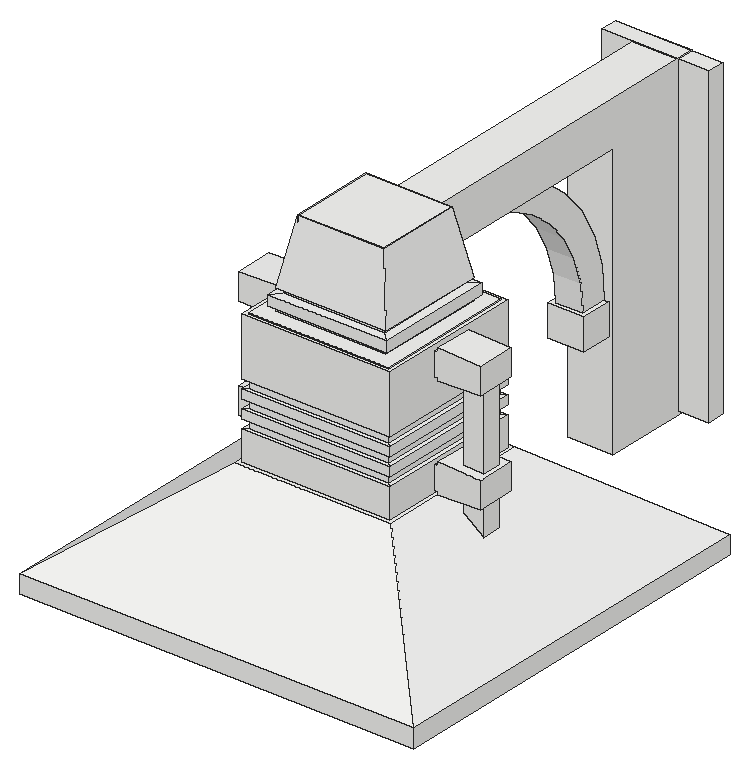
Revit family "PKWM_ANG_PSWM_BD", category Lighting Fixtures, Revit 2012
Parameters (values of type "PKWM ANG PSWM-AWT")
  Photometric Web = PKWM : PKWM-ANG-T3-60LED-BW
  Mount Width = 8.000"  # constant formula
  Half Width = Width / 2  # 11.000"
  Width = 22.000"  # constant formula
  Wattage Comments = "LU100"
  Voltage = 277 V
  Type Comments = "Parkway Square"  # constant formula
  Half Base Width = Base Width / 2  # 2.375"
  Default Elevation = 0.000"
  Hood Height = 7.15625"  # constant formula
  URL = "www.aal.net"
  Series = "Period Luminaires"  # constant formula
  Revision Date = "04/29/2011"  # constant formula
  Power Factor = 1  # constant formula
  OmniClass Title = "Wall Mounted External Lighting"  # constant formula
  OmniClass Number = "23.80.70.14.11.17"  # constant formula
  Number of Poles = 1
  Note Visible = yes
  Note Text = "LF"  # constant formula
  Model = "Load Type Catalog for configurations"
  MasterFormat Title = "Area Lighting"  # constant formula
  MasterFormat Number = "26.56.29"  # constant formula
  Manufacturer = "Architectural Area Lighting"  # constant formula
  Lamp = "Load Type Catalog for configurations"
  Housing Finish = Hubbell-Aluminum-Artic White
  Height = 18.375"  # constant formula
  Glazing Type = none
  Full Load Current = 0.73 A  # constant formula
  Frequency = 60 Hz  # constant formula
  Description = "Exterior Lighting"  # constant formula
  Created By = "CADdetails, LTD"  # constant formula
  Base Width = 4.750"  # constant formula
  Assembly Code = "D5020200"
  Architectural Design Manual = "http://www.aal.net/products/pkwm/"
  Apparent Load = 57 VA
  Absolute Lumens = 9300 lm
Reference planes (in)
  plane 1 "Light Source Axis (F/B)": y = 2.77989
  plane 2 "Bottom": z = 0.00193
  plane 3 "Light Source Axis (L/R)": x = -1.14373
  plane 4 "Light Source Elevation": z = 2.87693
  plane 5 "Top": z = 18.37693
  plane 6: x = -3.51873
  plane 7 "Left": x = -12.14373
  plane 8: x = 1.23127
  plane 9 "Right": x = 9.85627
  plane 10: y = 5.15489
  plane 11 "Back": y = 13.77989
  plane 12: y = 0.40489
  plane 13 "Front": y = -8.22011
  plane 14 "Wall": y = 23.34239
  plane 15: z = 6.16588
  plane 16: z = 13.56443
  plane 17: y = 7.15489
  plane 18: y = -1.59511
Forms (in)
  Extrusion 1, solid, material "Hubbell-Aluminum-Artic White" <- "Housing Finish"
    sketch origin (0, 2.77989, 0) x (1, 0, 0) y (0, 0, 1)
      loop
        line (-3.51873, 6.16588) -> (1.23127, 6.16588) -> (1.23127, 18.37693) -> (-3.51873, 18.37693) -> (-3.51873, 6.16588)
    from -2.375 to 2.375
  Sweep 2, solid, material "Hubbell-Aluminum-Artic White" <- "Housing Finish", detail levels medium+fine
    path origin (0, 0, 0.00193) x (1, 0, 0) y (0, 1, 0)
      loop
        line (9.85627, 13.77989) -> (-12.14373, 13.77989) -> (-12.14373, -8.22011) -> (9.85627, -8.22011) -> (9.85627, 13.77989)
    profile origin (-1.14373, 13.77989, 0.00193) x (0, -1, 0) y (0, 0, 1)
      loop
        line (0, 0.1875) -> (6.625, 0.1875) -> (6.625, 6.03895) -> (8.625, 6.03895) -> (8.625, 18.375) -> (7.94127, 14.76725) -> (8.188, 14.75) -> (8.188, 14.5) -> (7.688, 14.48254) -> (7.688, 13.89248) -> (7.938, 13.875) -> (7.938, 13.625) -> (7.094, 13.625) -> (7.094, 13.5625) -> (6.875, 13.5625) -> (6.875, 10.32996) -> (7.125, 10.32123) -> (7.125, 9.82123) -> (6.875, 9.8125) -> (6.875, 9.32996) -> (7.125, 9.32123) -> (7.125, 8.82123) -> (6.875, 8.8125) -> (6.875, 8.32996) -> (7.125, 8.32123) -> (7.125, 7.82123) -> (6.875, 7.8125) -> (6.875, 6.16395) -> (6.656, 6.16395) -> (0, 1.1875) -> (0, 0.1875)
  Extrusion 3, solid, material "Hubbell-Aluminum-Artic White" <- "Housing Finish", detail levels fine
    sketch origin (0, 2.77989, 0) x (1, 0, 0) y (0, 0, 1)
      loop
        line (-7.89373, 13.41899) -> (-7.89373, 11.95987) -> (-5.51873, 11.87693) -> (-5.51873, 12.01066) -> (-5.26873, 12.01066) -> (-5.26873, 13.3052) -> (-5.51873, 13.3052) -> (-5.51873, 13.50193) -> (-7.89373, 13.41899)
      loop
        line (-7.89373, 7.73199) -> (-7.89373, 6.27287) -> (-5.51873, 6.18993) -> (-5.51873, 6.32366) -> (-5.26873, 6.32366) -> (-5.26873, 7.6182) -> (-5.51873, 7.6182) -> (-5.51873, 7.81493) -> (-7.89373, 7.73199)
      loop
        line (5.60627, 13.41899) -> (3.23127, 13.50193) -> (3.23127, 13.3052) -> (2.98127, 13.3052) -> (2.98127, 12.01066) -> (3.23127, 12.01066) -> (3.23127, 11.87693) -> (5.60627, 11.95987) -> (5.60627, 13.41899)
      loop
        line (5.60627, 7.73199) -> (3.23127, 7.81493) -> (3.23127, 7.6182) -> (2.98127, 7.6182) -> (2.98127, 6.32366) -> (3.23127, 6.32366) -> (3.23127, 6.18993) -> (5.60627, 6.27287) -> (5.60627, 7.73199)
    from -1.0625 to 1.0625
  Extrusion 4, solid, material "Hubbell-Aluminum-Artic White" <- "Housing Finish", detail levels fine
    sketch origin (0, 2.77989, 0) x (1, 0, 0) y (0, 0, 1)
      loop
        line (-7.64373, 11.95114) -> (-7.64373, 7.74072) -> (-6.51873, 7.78001) -> (-6.51873, 11.91185) -> (-7.64373, 11.95114)
      loop
        line (-7.64373, 6.26414) -> (-7.64373, 4.55392) -> (-6.51873, 5.39504) -> (-6.51873, 6.22485) -> (-7.64373, 6.26414)
      loop
        line (5.35627, 11.95114) -> (4.23127, 11.91185) -> (4.23127, 7.78001) -> (5.35627, 7.74072) -> (5.35627, 11.95114)
      loop
        line (5.35627, 6.26414) -> (4.23127, 6.22485) -> (4.23127, 5.39504) -> (5.35627, 4.55392) -> (5.35627, 6.26414)
    from -0.52758 to 0.52758
  Extrusion 5, solid, material <- "Glazing Type"
    sketch origin (3.23127, 7.15489, 0.18943) x (0, 1, 0) y (1, 0, 0)
      loop
        line (0, -8.75) -> (0, 0) -> (-8.75, 0) -> (-8.75, -8.75) -> (0, -8.75)
    from 0 to -0.125
  Extrusion 6, solid, material "Hubbell-Aluminum-Artic White" <- "Housing Finish", detail levels medium+fine
    sketch origin (-1.14373, 0, 0) x (0, 1, 0) y (0, 0, 1)
      loop
        line (22.34239, 17.81443) -> (22.34239, 0.25193) -> (23.34239, 0.25193) -> (23.34239, 17.81443) -> (22.34239, 17.81443)
    from -3 to 3
  Extrusion 7, solid, material "Hubbell-Aluminum-Artic White" <- "Housing Finish", detail levels medium+fine
    sketch origin (-1.14373, 23.34239, 9.18943) x (0, -1, 0) y (0, 0, -1)
      loop
        arc (14.7625, -6.125) -> (9.28242, -3.85508) -> (7.0125, 1.625) r 7.75
        line (7.0125, 1.625) -> (5.5125, 1.625)
        arc (5.5125, 1.625) -> (6.63007, -2.78251) -> (9.71275, -6.125) r 9.25
        line (9.71275, -6.125) -> (14.7625, -6.125)
    from 0.75 to -0.75
  Extrusion 8, solid, material "Hubbell-Aluminum-Artic White" <- "Housing Finish", detail levels fine
    sketch origin (-1.14373, 0, 0) x (0, 1, 0) y (0, 0, 1)
      loop
        line (16.07989, 7.56443) -> (16.07989, 5.81443) -> (17.82989, 5.81443) -> (17.82989, 7.56443) -> (16.07989, 7.56443)
    from -1 to 1
  Extrusion 9, solid, material "Hubbell-Aluminum-Artic White" <- "Housing Finish"
    sketch origin (-1.14373, 0, 0) x (0, 1, 0) y (0, 0, 1)
      loop
        line (5.26149, 17.81443) -> (5.73529, 15.31443) -> (17.82989, 15.31443) -> (17.82989, 0.00193) -> (23.34239, 0.00193) -> (23.34239, 17.81443) -> (5.26149, 17.81443)
    from -1.25 to 1.25
Cuts and joins
  joined: Extrusion 6, Extrusion 7
  joined: Extrusion 1, Extrusion 9
Lines and regions (in)
  Masking region 1
    outline origin (0, 0, 2.87693) x (0, -1, 0) y (1, 0, 0)
      loop
        line (-13.77989, -12.14373) -> (8.22011, -12.14373) -> (8.22011, 9.85627) -> (-13.77989, 9.85627) -> (-13.77989, 0.85627) -> (-21.84239, 0.85627) -> (-21.84239, 1.35627) -> (-22.34239, 1.35627) -> (-22.34239, 1.85627) -> (-23.34239, 1.85627) -> (-23.34239, -4.14373) -> (-22.34239, -4.14373) -> (-22.34239, -3.64373) -> (-21.84239, -3.64373) -> (-21.84239, -3.14373) -> (-13.77989, -3.14373) -> (-13.77989, -12.14373)
  Masking region 2, detail levels medium+fine
    outline origin (0, 0, 2.87693) x (0, -1, 0) y (1, 0, 0)
      loop
        line (-7.15489, -5.51873) -> (1.59511, -5.51873) -> (1.59511, 3.23127) -> (-7.15489, 3.23127) -> (-7.15489, 0.85627) -> (-17.39239, 0.85627) -> (-17.39239, 0.10627) -> (-19.70489, 0.10627) -> (-19.70489, -2.39373) -> (-17.39239, -2.39373) -> (-17.39239, -3.14373) -> (-7.15489, -3.14373) -> (-7.15489, -5.51873)
      loop
        line (-22.34239, -3.64373) -> (-21.84239, -3.64373) -> (-21.84239, 1.35627) -> (-22.34239, 1.35627) -> (-22.34239, -3.64373)
  Masking region 3, detail levels fine
    outline origin (0, 0, 2.87693) x (0, -1, 0) y (1, 0, 0)
      loop
        line (-6.09189, -4.45573) -> (0.53211, -4.45573) -> (0.53211, 2.16827) -> (-6.09189, 2.16827) -> (-6.09189, -4.45573)
      loop
        line (-5.59189, -3.95573) -> (0.03211, -3.95573) -> (0.03211, 1.66827) -> (-5.59189, 1.66827) -> (-5.59189, -3.95573)
      loop
        line (-20.32989, -3.14373) -> (-13.77989, -3.14373) -> (-13.77989, 0.85627) -> (-20.32989, 0.85627) -> (-20.32989, -3.14373)
  Masking region 4, detail levels medium+fine
    outline origin (-1.14373, 0, 0) x (0, 1, 0) y (0, 0, 1)
      loop
        line (13.77989, 0.18943) -> (13.77989, 1.18943) -> (7.12389, 6.16588) -> (6.90489, 6.16588) -> (6.90489, 7.81443) -> (6.65489, 7.82316) -> (6.65489, 8.32316) -> (6.90489, 8.33189) -> (6.90489, 8.81443) -> (6.65489, 8.82316) -> (6.65489, 9.32316) -> (6.90489, 9.33189) -> (6.90489, 9.81443) -> (6.65489, 9.82316) -> (6.65489, 10.32316) -> (6.90489, 10.33189) -> (6.90489, 13.56443) -> (6.68589, 13.56443) -> (6.68589, 13.62693) -> (5.84189, 13.62693) -> (5.84189, 13.87693) -> (6.09189, 13.89441) -> (6.09189, 14.48447) -> (5.59189, 14.50193) -> (5.59189, 14.75193) -> (5.83862, 14.76918) -> (5.15489, 18.37693) -> (0.40489, 18.37693) -> (-0.27884, 14.76918) -> (-0.03211, 14.75193) -> (-0.03211, 14.50193) -> (-0.53211, 14.48447) -> (-0.53211, 13.89441) -> (-0.28211, 13.87693) -> (-0.28211, 13.62693) -> (-1.12611, 13.62693) -> (-1.12611, 13.56443) -> (-1.34511, 13.56443) -> (-1.34511, 10.33189) -> (-1.09511, 10.32316) -> (-1.09511, 9.82316) -> (-1.34511, 9.81443) -> (-1.34511, 9.33189) -> (-1.09511, 9.32316) -> (-1.09511, 8.82316) -> (-1.34511, 8.81443) -> (-1.34511, 8.33189) -> (-1.09511, 8.32316) -> (-1.09511, 7.82316) -> (-1.34511, 7.81443) -> (-1.34511, 6.16588) -> (-1.56411, 6.16588) -> (-8.22011, 1.18943) -> (-8.22011, 0.18943) -> (-7.78261, 0.18943) -> (-7.78261, 0.00193) -> (2.40489, 0.00193) -> (2.40489, 0.18943) -> (3.15489, 0.18943) -> (3.15489, 0.00193) -> (13.34239, 0.00193) -> (13.34239, 0.18943) -> (13.77989, 0.18943)
  Masking region 5, detail levels medium+fine
    outline origin (-1.14373, 23.34239, 9.18943) x (0, -1, 0) y (0, 0, -1)
      loop
        line (3.0125, -8.625) -> (18.0809, -8.625) -> (17.6071, -6.125) -> (14.7625, -6.125)
        arc (14.7625, -6.125) -> (9.28242, -3.85508) -> (7.0125, 1.625) r 7.75
        line (7.0125, 1.625) -> (7.2625, 1.625) -> (7.2625, 3.375) -> (5.5125, 3.375) -> (5.5125, 9) -> (3.6375, 10) -> (3.0125, 10) -> (3.0125, 6.375) -> (1.5, 6.375) -> (1.5, 8.4375) -> (1, 8.4375) -> (1, 8.9375) -> (0, 8.9375) -> (0, -8.625) -> (1, -8.625) -> (1, -8.125) -> (1.5, -8.125) -> (1.5, -5.625) -> (3.0125, -5.625) -> (3.0125, -8.625)
      loop
        line (5.5125, -6.125) -> (9.71275, -6.125)
        arc (9.71275, -6.125) -> (6.63007, -2.78251) -> (5.5125, 1.625) r 9.25
        line (5.5125, 1.625) -> (5.5125, -6.125)
      loop
        line (3.0125, 2.375) -> (1.5, 2.375) -> (1.5, -2.75) -> (3.0125, -2.75) -> (3.0125, 2.375)
  Masking region 6, detail levels fine
    outline origin (-1.14373, 0, 0) x (0, 1, 0) y (0, 0, 1)
      loop
        line (3.84239, 11.87693) -> (3.84239, 13.50193) -> (1.71739, 13.50193) -> (1.71739, 11.87693) -> (2.25231, 11.87693) -> (2.25231, 7.81493) -> (1.71739, 7.81493) -> (1.71739, 6.18993) -> (2.25231, 6.18993) -> (2.25231, 4.55392) -> (3.30747, 4.55392) -> (3.30747, 6.18993) -> (3.84239, 6.18993) -> (3.84239, 7.81493) -> (3.30747, 7.81493) -> (3.30747, 11.87693) -> (3.84239, 11.87693)
      loop
        line (21.84239, 14.81443) -> (19.07989, 14.81443) -> (19.07989, 11.93943) -> (21.84239, 11.93943) -> (21.84239, 14.81443)
      loop
        line (21.84239, 6.81443) -> (19.07989, 6.81443) -> (19.07989, 2.81443) -> (21.84239, 2.81443) -> (21.84239, 6.81443)
      loop
        line (17.82989, 7.56443) -> (16.07989, 7.56443) -> (16.07989, 5.81443) -> (17.82989, 5.81443) -> (17.82989, 7.56443)
  Masking region 7, detail levels coarse
    outline origin (-1.14373, 0, 0) x (0, 1, 0) y (0, 0, 1)
      loop
        line (23.34239, 18.37693) -> (-1.59511, 18.37693) -> (-1.59511, 6.1427) -> (-8.22011, 1.18943) -> (-8.22011, 0.00193) -> (13.77989, 0.00193) -> (13.77989, 1.18943) -> (7.15489, 6.1427) -> (7.15489, 15.31443) -> (17.82989, 15.31443) -> (17.82989, 0.00193) -> (23.34239, 0.00193) -> (23.34239, 18.37693)
  Masking region 8, detail levels medium+fine
    outline origin (0, 2.77989, 0) x (1, 0, 0) y (0, 0, 1)
      loop
        line (-12.14373, 1.18943) -> (-12.14373, 0.18943) -> (-11.70623, 0.18943) -> (-11.70623, 0.00193) -> (-1.51218, 0.00193) -> (-1.51218, 0.18943) -> (-0.77528, 0.18943) -> (-0.77528, 0.00193) -> (9.41877, 0.00193) -> (9.41877, 0.18943) -> (9.85627, 0.18943) -> (9.85627, 1.18943) -> (5.35627, 4.55392) -> (5.35627, 6.26414) -> (5.60627, 6.27287) -> (5.60627, 7.73199) -> (5.35627, 7.74072) -> (5.35627, 11.95114) -> (5.60627, 11.95987) -> (5.60627, 13.41899) -> (3.23127, 13.50193) -> (3.23127, 13.3052) -> (2.98127, 13.3052) -> (2.98127, 13.56443) -> (2.76227, 13.56443) -> (2.76227, 13.62693) -> (1.91827, 13.62693) -> (1.91827, 13.87693) -> (2.16827, 13.89441) -> (2.16827, 14.48447) -> (1.66827, 14.50193) -> (1.66827, 14.75193) -> (1.915, 14.76918) -> (1.23127, 18.37693) -> (-3.51873, 18.37693) -> (-4.20246, 14.76918) -> (-3.95573, 14.75193) -> (-3.95573, 14.50193) -> (-4.45573, 14.48447) -> (-4.45573, 13.89441) -> (-4.20573, 13.87693) -> (-4.20573, 13.62693) -> (-5.04973, 13.62693) -> (-5.04973, 13.56443) -> (-5.26873, 13.56443) -> (-5.26873, 13.3052) -> (-5.51873, 13.3052) -> (-5.51873, 13.50193) -> (-7.89373, 13.41899) -> (-7.89373, 11.95987) -> (-7.64373, 11.95114) -> (-7.64373, 7.74072) -> (-7.89373, 7.73199) -> (-7.89373, 6.27287) -> (-7.64373, 6.26414) -> (-7.64373, 4.55392) -> (-12.14373, 1.18943)
      loop
        line (-6.51873, 5.39504) -> (-5.48773, 6.16588) -> (-5.26873, 6.16588) -> (-5.26873, 6.32366) -> (-5.51873, 6.32366) -> (-5.51873, 6.18993) -> (-6.51873, 6.22485) -> (-6.51873, 5.39504)
      loop
        line (-6.51873, 7.78001) -> (-5.51873, 7.81493) -> (-5.51873, 7.6182) -> (-5.26873, 7.6182) -> (-5.26873, 7.81443) -> (-5.01873, 7.82316) -> (-5.01873, 8.32316) -> (-5.26873, 8.33189) -> (-5.26873, 8.81443) -> (-5.01873, 8.82316) -> (-5.01873, 9.32316) -> (-5.26873, 9.33189) -> (-5.26873, 9.81443) -> (-5.01873, 9.82316) -> (-5.01873, 10.32316) -> (-5.26873, 10.33189) -> (-5.26873, 12.01066) -> (-5.51873, 12.01066) -> (-5.51873, 11.87693) -> (-6.51873, 11.91185) -> (-6.51873, 7.78001)
      loop
        line (2.98127, 6.32366) -> (2.98127, 6.16588) -> (3.20027, 6.16588) -> (4.23127, 5.39504) -> (4.23127, 6.22485) -> (3.23127, 6.18993) -> (3.23127, 6.32366) -> (2.98127, 6.32366)
      loop
        line (4.23127, 11.91185) -> (3.23127, 11.87693) -> (3.23127, 12.01066) -> (2.98127, 12.01066) -> (2.98127, 10.33189) -> (2.73127, 10.32316) -> (2.73127, 9.82316) -> (2.98127, 9.81443) -> (2.98127, 9.33189) -> (2.73127, 9.32316) -> (2.73127, 8.82316) -> (2.98127, 8.81443) -> (2.98127, 8.33189) -> (2.73127, 8.32316) -> (2.73127, 7.82316) -> (2.98127, 7.81443) -> (2.98127, 7.6182) -> (3.23127, 7.6182) -> (3.23127, 7.81493) -> (4.23127, 7.78001) -> (4.23127, 11.91185)
  Masking region 9, detail levels coarse
    outline origin (-12.14373, 2.77989, 9.18943) x (1, 0, 0) y (0, 0, 1)
      loop
        line (6.625, 9.1875) -> (6.625, -3.04673) -> (0, -8) -> (0, -9.1875) -> (22, -9.1875) -> (22, -8) -> (15.375, -3.04673) -> (15.375, 9.1875) -> (6.625, 9.1875)
  symbolic lines, style "LightingFixturesHiddenLines", detail levels coarse
    curve 1: line (-12.14373, 13.77989, 2.87693) -> (9.85627, -8.22011, 2.87693)
    curve 2: line (9.85627, 13.77989, 2.87693) -> (-12.14373, -8.22011, 2.87693)
  symbolic lines, detail levels fine
    curve 3: line (-12.14373, 13.77989, 2.87693) -> (-5.60899, 7.24515, 2.87693)
    curve 4: line (9.85627, 13.77989, 2.87693) -> (3.32153, 7.24515, 2.87693)
    curve 5: line (9.85627, -8.22011, 2.87693) -> (3.32153, -1.68537, 2.87693)
    curve 6: line (-5.60899, -1.68537, 2.87693) -> (-12.14373, -8.22011, 2.87693)
    curve 8: line (-1.14373, 22.34239, 17.81443) -> (-1.14373, 22.34239, 0.25193)
    curve 9: line (-1.14373, -0.27884, 14.76918) -> (-1.14373, 5.83862, 14.76918)
    curve 10: line (-1.14373, -0.53211, 14.48447) -> (-1.14373, 6.09189, 14.48447)
    curve 11: line (-1.14373, -0.53211, 13.89441) -> (-1.14373, 6.09189, 13.89441)
    curve 12: line (-1.14373, 6.68589, 13.62693) -> (-1.14373, -1.12611, 13.62693)
    curve 13: line (-1.14373, 6.90489, 13.56443) -> (-1.14373, -1.34511, 13.56443)
    curve 14: line (-1.14373, 3.84239, 11.87693) -> (-1.14373, 1.71739, 11.87693)
    curve 15: line (-1.14373, 6.90489, 7.81493) -> (-1.14373, -1.34511, 7.81493)
    curve 16: line (-1.14373, 3.84239, 6.18993) -> (-1.14373, 1.71739, 6.18993)
    curve 17: line (-1.14373, 3.30747, 5.39504) -> (-1.14373, 2.25231, 5.39504)
    curve 18: line (-1.14373, -1.34511, 10.33189) -> (-1.14373, 2.25231, 10.33189)
    curve 19: line (-1.14373, -1.34511, 9.81443) -> (-1.14373, 2.25231, 9.81443)
    curve 20: line (-1.14373, -1.34511, 9.33189) -> (-1.14373, 2.25231, 9.33189)
    curve 21: line (-1.14373, -1.34511, 8.81443) -> (-1.14373, 2.25231, 8.81443)
    curve 22: line (-1.14373, -1.34511, 8.33189) -> (-1.14373, 2.25231, 8.33189)
    curve 23: line (-1.14373, 6.90489, 6.16588) -> (-1.14373, 3.30747, 6.16588)
    curve 24: line (-1.14373, 2.25231, 6.16588) -> (-1.14373, -1.34511, 6.16588)
    curve 25: line (-1.14373, 3.30747, 8.33189) -> (-1.14373, 6.90489, 8.33189)
    curve 26: line (-1.14373, 3.30747, 8.81443) -> (-1.14373, 6.90489, 8.81443)
    curve 27: line (-1.14373, 3.30747, 9.33189) -> (-1.14373, 6.90489, 9.33189)
    curve 28: line (-1.14373, 3.30747, 9.81443) -> (-1.14373, 6.90489, 9.81443)
    curve 29: line (-1.14373, 3.30747, 10.33189) -> (-1.14373, 6.90489, 10.33189)
    curve 30: line (-1.14373, -8.22011, 0.18943) -> (-1.14373, 13.77989, 0.18943)
    curve 31: line (-1.14373, 5.73529, 15.31443) -> (-1.14373, 17.82989, 15.31443)
    curve 33: line (1.915, 2.77989, 14.76918) -> (-4.20246, 2.77989, 14.76918)
    curve 34: line (2.16827, 2.77989, 14.48447) -> (-4.45573, 2.77989, 14.48447)
    curve 35: line (2.16827, 2.77989, 13.89441) -> (-4.45573, 2.77989, 13.89441)
    curve 36: line (2.76227, 2.77989, 13.62693) -> (-5.04973, 2.77989, 13.62693)
    curve 37: line (2.98127, 2.77989, 13.56443) -> (-5.26873, 2.77989, 13.56443)
    curve 38: line (-5.26873, 2.77989, 13.56443) -> (-5.26873, 2.77989, 10.33189)
    curve 39: line (2.98127, 2.77989, 10.33189) -> (2.98127, 2.77989, 13.56443)
    curve 40: line (2.98127, 2.77989, 10.33189) -> (-5.26873, 2.77989, 10.33189)
    curve 41: line (2.98127, 2.77989, 9.81443) -> (-4.89373, 2.77989, 9.81443)
    curve 42: line (2.98127, 2.77989, 8.81443) -> (-5.26873, 2.77989, 8.81443)
    curve 43: line (2.98127, 2.77989, 8.33189) -> (-5.26873, 2.77989, 8.33189)
    curve 44: line (2.98127, 2.77989, 7.81443) -> (-5.26873, 2.77989, 7.81443)
    curve 45: line (-5.26873, 2.77989, 7.81443) -> (-5.26873, 2.77989, 6.16588)
    curve 46: line (2.98127, 2.77989, 6.16588) -> (2.98127, 2.77989, 7.81443)
    curve 47: line (-7.89373, 2.77989, 11.95987) -> (-5.51873, 2.77989, 11.87693)
    curve 48: line (3.23127, 2.77989, 11.87693) -> (5.60627, 2.77989, 11.95987)
    curve 49: line (-5.51873, 2.77989, 7.81493) -> (-7.89373, 2.77989, 7.73199)
    curve 50: line (-7.89373, 2.77989, 6.27287) -> (-6.51873, 2.77989, 6.22485)
    curve 51: line (2.98127, 2.77989, 6.16588) -> (-5.26873, 2.77989, 6.16588)
    curve 52: line (4.23127, 2.77989, 6.22485) -> (5.60627, 2.77989, 6.27287)
    curve 53: line (5.60627, 2.77989, 7.73199) -> (3.23127, 2.77989, 7.81493)
    curve 54: line (-5.48773, 2.77989, 6.16588) -> (-12.14373, 2.77989, 1.18943)
    curve 55: line (9.85627, 2.77989, 1.18943) -> (3.20027, 2.77989, 6.16588)
    curve 56: line (-12.14373, 2.77989, 0.18943) -> (9.85627, 2.77989, 0.18943)
    curve 57: line (2.98127, 2.77989, 9.33189) -> (-5.26873, 2.77989, 9.33189)
    curve 58: line (-5.51873, 1.71739, 0.00193) -> (-7.89373, 1.71739, 0.00193)
    curve 59: line (-7.89373, 1.71739, 0.00193) -> (-7.89373, 3.84239, 0.00193)
    curve 60: line (-7.89373, 3.84239, 0.00193) -> (-5.51873, 3.84239, 0.00193)
    curve 61: line (3.23127, 1.71739, 0.00193) -> (5.60627, 1.71739, 0.00193)
    curve 62: line (5.60627, 1.71739, 0.00193) -> (5.60627, 3.84239, 0.00193)
    curve 63: line (5.60627, 3.84239, 0.00193) -> (3.23127, 3.84239, 0.00193)
  reference lines
    curve 7: line (-1.14373, 23.34239, 9.18943) -> (-1.14373, -8.22011, 9.18943)
    curve 32: line (-12.14373, 2.77989, 9.18943) -> (9.85627, 2.77989, 9.18943)
Dimensions and locks (in)
  "Height": plane 5 "Top" to plane 2 "Bottom"
  "Default Elevation": plane 2 "Bottom" to level
  "Half Width": plane 3 "Light Source Axis (L/R)" to plane 7 "Left"
  "Half Width": plane 9 "Right" to plane 3 "Light Source Axis (L/R)"
  "Half Base Width": plane 3 "Light Source Axis (L/R)" to plane 6
  "Half Base Width": plane 8 to plane 3 "Light Source Axis (L/R)"
  "Half Width": plane 11 "Back" to plane 1 "Light Source Axis (F/B)"
  "Half Width": plane 13 "Front" to plane 1 "Light Source Axis (F/B)"
  "Half Base Width": plane 12 to plane 1 "Light Source Axis (F/B)"
  "Half Base Width": plane 1 "Light Source Axis (F/B)" to plane 10
  locked: plane 14 "Wall" to plane 12 at 22.9375
  locked: plane 4 "Light Source Elevation" to plane 2 "Bottom" at 2.875
  locked: plane 15 to plane 2 "Bottom" at 6.16395
  locked: plane 5 "Top" to plane 16 at 4.8125
  locked: plane 15 to Sweep 2 sketch curve at 0.125
  locked: profile plane to Sweep 2 sketch curve at 6.625
  locked: Sweep 2 sketch curve to profile plane at 0.1875
  locked: plane 13 "Front" to Extrusion 5 sketch curve at 6.625
  locked: plane 11 "Back" to Extrusion 5 sketch curve at 6.625
  locked: plane 7 "Left" to Extrusion 5 sketch curve at 6.625
  locked: Extrusion 5 sketch curve to plane 9 "Right" at 6.625
  locked: Extrusion 5 to plane 2 "Bottom" at 0.3125
  Extrusion 6 to Extrusion 8 to Extrusion 7 to plane 3 "Light Source Axis (L/R)" to Extrusion 7 to Extrusion 8 to Extrusion 6 = 2.000", 0.250" locked, 0.750" locked, 0.750" locked, 0.250" locked, 2.000"
  plane 5 "Top" to Extrusion 6 sketch curve to Extrusion 6 sketch curve = 0.5625" locked, 17.5625" locked
  locked: plane 14 "Wall" to Extrusion 6 sketch curve at 1
  plane 14 "Wall" to Extrusion 8 sketch curve to Extrusion 8 sketch curve = 5.5125" locked, 1.750" locked
  plane 5 "Top" to Extrusion 8 sketch curve to Extrusion 8 sketch curve = 10.8125" locked, 1.750" locked
  plane 5 "Top" to Extrusion 7 sketch curve to Extrusion 7 sketch curve = 3.0625" locked, 7.750" locked
  plane 14 "Wall" to Extrusion 7 sketch curve to Extrusion 7 sketch curve = 5.5125" locked, 1.500" locked
  equal spacing: plane 5 "Top", curve 7, plane 2 "Bottom"
  plane 5 "Top" to Extrusion 9 sketch curve to Extrusion 9 sketch curve = 0.5625" locked, 2.500" locked
  locked: plane 14 "Wall" to Extrusion 9 sketch curve at 5.5125
  Masking region 1 sketch curve to Masking region 1 sketch curve to plane 6 to Masking region 1 sketch curve = 0.500" locked, 0.125" locked, 0.375" locked
  Masking region 1 sketch curve to plane 8 to Masking region 1 sketch curve to Masking region 1 sketch curve = 0.375" locked, 0.125" locked, 0.500" locked
  equal spacing: plane 5 "Top", curve 32, plane 2 "Bottom"
  aligned and locked: plane 5 "Top" to Extrusion 1 sketch curve
  aligned and locked: Extrusion 1 sketch curve to plane 6
  aligned and locked: Extrusion 1 sketch curve to plane 8
  aligned and locked: plane 10 to Extrusion 1
  aligned and locked: plane 12 to Extrusion 1
  aligned and locked: plane 1 "Light Source Axis (F/B)" to nested 1
  aligned and locked: plane 3 "Light Source Axis (L/R)" to nested 1
  aligned and locked: Masking region 1 sketch curve to plane 13 "Front"
  aligned and locked: plane 7 "Left" to Masking region 1 sketch curve
  aligned and locked: plane 9 "Right" to Masking region 1 sketch curve
  aligned and locked: Masking region 1 sketch curve to plane 11 "Back"  (x2)
  aligned and locked: plane 9 "Right" to curve 1
  aligned and locked: plane 13 "Front" to curve 1
  aligned and locked: plane 11 "Back" to curve 2
  aligned and locked: plane 11 "Back" to curve 1
  aligned and locked: plane 13 "Front" to curve 2
  aligned and locked: plane 7 "Left" to curve 2
  aligned and locked: plane 14 "Wall" to Masking region 1 sketch curve
  aligned and locked: plane 11 "Back" to Sweep 2 sketch curve
  aligned and locked: Sweep 2 sketch curve to plane 7 "Left"
  aligned and locked: Sweep 2 sketch curve to plane 9 "Right"
  aligned and locked: plane 13 "Front" to Sweep 2 sketch curve
  aligned and locked: plane 10 to Sweep 2 sketch curve
  aligned and locked: Sweep 2 sketch curve to profile plane
  aligned and locked: Sweep 2 sketch curve to plane 15
  aligned and locked: Sweep 2 sketch curve to plane 16
  aligned and locked: plane 5 "Top" to Sweep 2 sketch curve
  aligned and locked: Extrusion 1 sketch curve to plane 15
  aligned and locked: Sweep 2 to Extrusion 4 sketch curve
  aligned and locked: Extrusion 4 sketch curve to Sweep 2
  aligned and locked: Sweep 2 to Extrusion 5
  aligned and locked: Extrusion 6 sketch curve to plane 14 "Wall"
  aligned and locked: plane 13 "Front" to curve 7
  aligned and locked: plane 14 "Wall" to curve 7
  aligned and locked: Sweep 2 to Extrusion 9 sketch curve
  aligned and locked: Extrusion 9 sketch curve to plane 14 "Wall"
  aligned and locked: Extrusion 9 sketch curve to plane 2 "Bottom"
  aligned and locked: Sweep 2 to Masking region 2 sketch curve  (x2)
  aligned and locked: plane 18 to Masking region 2 sketch curve
  aligned and locked: Masking region 2 sketch curve to plane 17
  aligned and locked: cut or joined group of Extrusion 6, Extrusion 7 to Masking region 2 sketch curve
  aligned and locked: Masking region 2 sketch curve to Masking region 3  (x2)
  aligned and locked: plane 11 "Back" to Masking region 3 sketch curve
  aligned and locked: Masking region 4 sketch curve to Sweep 2  (x49)
  aligned and locked: plane 15 to Masking region 4 sketch curve
  aligned and locked: plane 16 to Masking region 4 sketch curve
  aligned and locked: plane 5 "Top" to Masking region 4 sketch curve
  aligned and locked: Masking region 4 sketch curve to plane 15
  aligned and locked: Masking region 4 sketch curve to plane 13 "Front"
  aligned and locked: plane 2 "Bottom" to Masking region 4 sketch curve
  aligned and locked: Sweep 2 to Masking region 5 sketch curve
  aligned and locked: Masking region 5 sketch curve to cut or joined group of Extrusion 6, Extrusion 7  (x7)
  aligned and locked: Extrusion 8 to Masking region 5 sketch curve
  aligned and locked: Masking region 5 sketch curve to Extrusion 8  (x2)
  aligned and locked: Extrusion 3 to Masking region 6 sketch curve  (x4)
  aligned and locked: Masking region 6 sketch curve to Extrusion 3  (x7)
  aligned and locked: Extrusion 4 to Masking region 6 sketch curve  (x3)
  aligned and locked: Masking region 6 sketch curve to Extrusion 4  (x2)
  aligned and locked: Masking region 6 sketch curve to Extrusion 8  (x3)
  aligned and locked: curve 8 to cut or joined group of Extrusion 6, Extrusion 7
  aligned and locked: curve 9 to Sweep 2
  aligned and locked: curve 10 to Sweep 2
  aligned and locked: curve 11 to Sweep 2
  aligned and locked: Sweep 2 to curve 12
  aligned and locked: Sweep 2 to curve 13
  aligned and locked: curve 14 to Extrusion 3
  aligned and locked: curve 15 to Extrusion 3
  aligned and locked: curve 15 to Sweep 2
  aligned and locked: curve 16 to Extrusion 3
  aligned and locked: curve 17 to Extrusion 4
  aligned and locked: Sweep 2 to curve 18
  aligned and locked: Sweep 2 to curve 19
  aligned and locked: Sweep 2 to curve 20
  aligned and locked: Sweep 2 to curve 21
  aligned and locked: Sweep 2 to curve 22
  aligned and locked: Sweep 2 to curve 23
  aligned and locked: curve 22 to curve 25
  aligned and locked: curve 21 to curve 26
  aligned and locked: curve 20 to curve 27
  aligned and locked: curve 19 to curve 28
  aligned and locked: curve 18 to curve 29
  aligned and locked: curve 23 to curve 24
  aligned and locked: curve 30 to Sweep 2
  aligned and locked: curve 31 to Sweep 2
  aligned and locked: plane 5 "Top" to Masking region 7 sketch curve
  aligned and locked: Masking region 7 sketch curve to plane 18
  aligned and locked: Sweep 2 to Masking region 7 sketch curve
  aligned and locked: Masking region 7 sketch curve to plane 13 "Front"
  aligned and locked: plane 2 "Bottom" to Masking region 7 sketch curve
  aligned and locked: plane 11 "Back" to Masking region 7 sketch curve
  aligned and locked: Masking region 7 sketch curve to Sweep 2
  aligned and locked: Masking region 7 sketch curve to plane 17
  aligned and locked: plane 14 "Wall" to Masking region 7 sketch curve
  aligned and locked: Masking region 7 sketch curve to plane 2 "Bottom"
  aligned and locked: Masking region 8 sketch curve to Sweep 2  (x52)
  aligned and locked: Sweep 2 to Masking region 8 sketch curve  (x8)
  aligned and locked: Masking region 8 sketch curve to Extrusion 4  (x7)
  aligned and locked: Masking region 8 sketch curve to Extrusion 3  (x28)
  aligned and locked: Extrusion 3 to Masking region 8 sketch curve  (x6)
  aligned and locked: Masking region 8 sketch curve to plane 5 "Top"
  aligned and locked: Extrusion 4 to Masking region 8 sketch curve
  aligned and locked: Masking region 8 sketch curve to plane 2 "Bottom"  (x2)
  aligned and locked: plane 7 "Left" to curve 32
  aligned and locked: plane 9 "Right" to curve 32
  aligned and locked: Extrusion 3 sketch curve to Sweep 2
  aligned and locked: Sweep 2 to Extrusion 3 sketch curve
  aligned and locked: curve 33 to Sweep 2
  aligned and locked: curve 34 to Sweep 2
  aligned and locked: curve 35 to Sweep 2
  aligned and locked: curve 36 to Sweep 2
  aligned and locked: curve 37 to Sweep 2
  aligned and locked: curve 38 to Sweep 2
  aligned and locked: curve 39 to Sweep 2
  aligned and locked: curve 40 to Sweep 2
  aligned and locked: curve 41 to Sweep 2
  aligned and locked: curve 42 to Sweep 2
  aligned and locked: curve 43 to Sweep 2
  aligned and locked: curve 44 to Sweep 2
  aligned and locked: curve 45 to Sweep 2
  aligned and locked: curve 46 to Sweep 2
  aligned and locked: curve 47 to Extrusion 3
  aligned and locked: curve 48 to Extrusion 3
  aligned and locked: curve 49 to Extrusion 3
  aligned and locked: curve 50 to Extrusion 3
  aligned and locked: Sweep 2 to curve 51
  aligned and locked: Extrusion 4 to Extrusion 3
  aligned and locked: curve 53 to Extrusion 3
  aligned and locked: curve 54 to Sweep 2
  aligned and locked: curve 55 to Sweep 2
  aligned and locked: curve 56 to Sweep 2
  aligned and locked: curve 57 to Sweep 2
  aligned and locked: Sweep 2 to Masking region 9 sketch curve
  aligned and locked: Masking region 9 sketch curve to plane 7 "Left"
  aligned and locked: Masking region 9 sketch curve to plane 2 "Bottom"
  aligned and locked: plane 9 "Right" to Masking region 9 sketch curve
  aligned and locked: Masking region 9 sketch curve to Sweep 2
  aligned and locked: Masking region 9 sketch curve to plane 5 "Top"
  aligned and locked: Masking region 2 sketch curve to Masking region 2 sketch curve
  aligned: curve 63 to Extrusion 3
  aligned and locked: nested 2 to plane 3 "Light Source Axis (L/R)"
  aligned and locked: nested 2 to plane 1 "Light Source Axis (F/B)"
Automatic sketch dimensions
  curve 4 to plane 9 "Right" = 0.000"
  curve 4 to plane 11 "Back" = 0.000"
  curve 3 to plane 7 "Left" = 0.000"
  curve 3 to plane 11 "Back" = 0.000"
  curve 5 to plane 9 "Right" = 0.000"
  curve 5 to plane 13 "Front" = 0.000"
  curve 6 to plane 7 "Left" = 0.000"
  curve 6 to plane 13 "Front" = 0.000"
  curve 1 to plane 7 "Left" = 0.000"
  curve 2 to plane 9 "Right" = 0.000"
  plane 10 to curve 3 = 2.09026"
  plane 10 to curve 4 = 2.09026"
  plane 12 to curve 5 = 2.09026"
  plane 12 to curve 6 = 2.09026"
  curve 3 to plane 6 = 2.09026"
  curve 6 to plane 6 = 2.09026"
  curve 4 to plane 8 = 2.09026"
  curve 5 to plane 8 = 2.09026"
  Masking region 1 sketch curve to Masking region 1 sketch curve = 1.000"  (x2)
  Masking region 1 sketch curve to Masking region 1 sketch curve = 0.500"  (x2)
  Sweep 2 sketch curve to Sweep 2 sketch curve = 0.031"
  Sweep 2 sketch curve to Sweep 2 sketch curve = 0.219"  (x2)
  Sweep 2 sketch curve to Sweep 2 sketch curve = 1.750"
  Sweep 2 sketch curve to Sweep 2 sketch curve = 0.000"  (x2)
  Sweep 2 sketch curve to Sweep 2 sketch curve = 0.250"  (x6)
  Sweep 2 sketch curve to Sweep 2 sketch curve = 0.594"
  Sweep 2 sketch curve to Sweep 2 sketch curve = 0.25327"
  Sweep 2 sketch curve to Sweep 2 sketch curve = 0.24673"
  Sweep 2 sketch curve to Sweep 2 sketch curve = 1.000"
  Sweep 2 sketch curve to Sweep 2 sketch curve = 1.64855"
  Sweep 2 sketch curve to Sweep 2 sketch curve = 0.00873"  (x6)
  Sweep 2 sketch curve to Sweep 2 sketch curve = 0.500"  (x3)
  Sweep 2 sketch curve to Sweep 2 sketch curve = 0.48254"  (x2)
  Sweep 2 sketch curve to Sweep 2 sketch curve = 0.0625"
  Sweep 2 sketch curve to Sweep 2 sketch curve = 0.01748"
  Sweep 2 sketch curve to Sweep 2 sketch curve = 0.59006"
  Sweep 2 sketch curve to Sweep 2 sketch curve = 0.01746"
  Sweep 2 sketch curve to Sweep 2 sketch curve = 0.01725"
  Extrusion 3 sketch curve to plane 16 = 0.14544"  (x2)
  plane 7 "Left" to Extrusion 3 sketch curve = 4.250"
  plane 15 to Extrusion 3 sketch curve = 1.56611"
  Extrusion 3 sketch curve to Extrusion 3 sketch curve = 0.000"  (x3)
  plane 15 to Extrusion 3 sketch curve = 0.02405"  (x2)
  Extrusion 3 sketch curve to plane 16 = 0.25923"
  Extrusion 3 sketch curve to plane 6 = 2.000"
  Extrusion 3 sketch curve to Extrusion 3 sketch curve = 0.250"  (x6)
  Extrusion 3 sketch curve to plane 8 = 1.750"
  plane 15 to Extrusion 3 sketch curve = 0.15778"
  Extrusion 3 sketch curve to plane 16 = 0.0625"  (x2)
  plane 15 to Extrusion 3 sketch curve = 0.10699"  (x2)
  Extrusion 3 sketch curve to Extrusion 3 sketch curve = 2.375"  (x2)
  Extrusion 3 sketch curve to Extrusion 3 sketch curve = 0.13373"  (x3)
  Extrusion 3 sketch curve to Extrusion 3 sketch curve = 1.29454"  (x2)
  Extrusion 3 sketch curve to Extrusion 3 sketch curve = 1.45913"  (x3)
  Extrusion 3 sketch curve to Extrusion 3 sketch curve = 0.19673"  (x3)
  Extrusion 3 sketch curve to Extrusion 3 sketch curve = 1.42827"
  Extrusion 3 sketch curve to Extrusion 3 sketch curve = 1.625"
  Extrusion 4 sketch curve to plane 16 = 1.61329"
  plane 15 to Extrusion 4 sketch curve = 0.09826"  (x2)
  Extrusion 4 sketch curve to Extrusion 4 sketch curve = 0.000"
  plane 15 to Extrusion 4 sketch curve = 0.05897"  (x2)
  Extrusion 4 sketch curve to Extrusion 4 sketch curve = 1.125"  (x4)
  Extrusion 4 sketch curve to plane 8 = 3.000"
  plane 15 to Extrusion 4 sketch curve = 1.57484"
  Extrusion 4 sketch curve to plane 15 = 0.77084"  (x2)
  Extrusion 4 sketch curve to Extrusion 4 sketch curve = 1.47659"
  Extrusion 4 sketch curve to Extrusion 4 sketch curve = 0.03929"  (x4)
  Extrusion 4 sketch curve to plane 16 = 1.65258"
  Extrusion 7 sketch curve to Extrusion 7 sketch curve = 0.000"  (x2)
  Extrusion 7 sketch curve to Extrusion 7 sketch curve = 2.70025"
  plane 10 to Masking region 3 sketch curve = 0.937"
  plane 10 to Masking region 3 sketch curve = 0.437"
  plane 12 to Masking region 3 sketch curve = 0.437"
  Masking region 3 sketch curve to Masking region 3 sketch curve = 0.500"  (x3)
  Masking region 3 sketch curve to plane 6 = 0.437"
  Masking region 3 sketch curve to plane 8 = 0.437"
  plane 2 "Bottom" to Masking region 4 sketch curve = 0.1875"
  Masking region 4 sketch curve to Masking region 4 sketch curve = 0.1875"
  Masking region 4 sketch curve to plane 2 "Bottom" = 0.000"
  Masking region 5 sketch curve to Masking region 5 sketch curve = 0.000"  (x2)
  Masking region 8 sketch curve to Masking region 8 sketch curve = 0.219"
  curve 56 to plane 7 "Left" = 0.000"
  curve 54 to plane 7 "Left" = 0.000"
  curve 54 to plane 15 = 0.000"
  curve 55 to plane 15 = 0.000"
  curve 56 to plane 9 "Right" = 0.000"
  curve 55 to plane 9 "Right" = 0.000"
  plane 15 to curve 49 = 1.56611"
  curve 47 to plane 16 = 1.60456"
  plane 15 to curve 50 = 0.10699"
  plane 15 to curve 50 = 0.05897"
  curve 47 to plane 16 = 1.6875"
  plane 15 to curve 49 = 1.64905"
  curve 42 to curve 44 = 0.000"  (x2)
  curve 43 to curve 42 = 0.000"  (x2)
  curve 37 to curve 36 = 0.219"
  curve 34 to plane 6 = 0.937"
  curve 35 to curve 34 = 0.000"  (x2)
  curve 34 to curve 33 = 0.25327"
  curve 33 to plane 8 = 0.68373"
  curve 33 to curve 34 = 0.25327"
  curve 36 to curve 37 = 0.219"
  plane 15 to curve 53 = 1.64905"
  curve 48 to plane 16 = 1.6875"
  plane 15 to curve 52 = 0.05897"
  curve 55 to curve 52 = 1.031"
  curve 48 to plane 16 = 1.60456"
  plane 15 to curve 53 = 1.56611"
  plane 15 to curve 52 = 0.10699"
  curve 52 to curve 52 = 1.375"
  curve 38 to curve 41 = 0.375"
  curve 41 to curve 39 = 0.000"
  curve 57 to curve 42 = 0.000"
  curve 57 to curve 41 = 0.000"
  curve 30 to plane 13 "Front" = 0.000"
  curve 30 to plane 11 "Back" = 0.000"
  plane 18 to curve 20 = 0.250"
  plane 18 to curve 19 = 0.250"
  plane 18 to curve 24 = 0.250"
  plane 18 to curve 15 = 0.250"
  plane 18 to curve 21 = 0.250"
  plane 18 to curve 13 = 0.250"
  plane 18 to curve 18 = 0.250"
  plane 18 to curve 22 = 0.250"
  curve 13 to curve 12 = 0.219"
  plane 12 to curve 10 = 0.937"
  curve 11 to curve 10 = 0.000"  (x2)
  curve 10 to curve 9 = 0.25327"
  plane 1 "Light Source Axis (F/B)" to curve 16 = 1.0625"
  plane 1 "Light Source Axis (F/B)" to curve 14 = 1.0625"
  plane 1 "Light Source Axis (F/B)" to curve 19 = 0.52758"
  plane 1 "Light Source Axis (F/B)" to curve 22 = 0.52758"
  curve 20 to curve 19 = 0.000"
  plane 1 "Light Source Axis (F/B)" to curve 24 = 0.52758"
  plane 1 "Light Source Axis (F/B)" to curve 17 = 0.52758"
  curve 21 to curve 22 = 0.000"
  curve 18 to curve 19 = 0.000"
  curve 17 to plane 1 "Light Source Axis (F/B)" = 0.52758"
  curve 29 to plane 1 "Light Source Axis (F/B)" = 0.52758"
  curve 28 to curve 29 = 0.000"
  curve 27 to curve 28 = 0.000"
  curve 26 to curve 27 = 0.000"
  curve 25 to curve 26 = 0.000"
  curve 23 to plane 1 "Light Source Axis (F/B)" = 0.52758"
  curve 14 to plane 1 "Light Source Axis (F/B)" = 1.0625"
  curve 23 to curve 16 = 0.53492"
  curve 31 to curve 9 = 0.10333"
  curve 9 to curve 10 = 0.25327"
  curve 12 to plane 17 = 0.469"
  curve 25 to plane 17 = 0.250"
  curve 27 to plane 17 = 0.250"
  curve 12 to curve 13 = 0.219"
  curve 28 to plane 17 = 0.250"
  curve 26 to plane 17 = 0.250"
  curve 23 to plane 17 = 0.250"
  curve 29 to plane 17 = 0.250"
  plane 11 "Back" to curve 31 = 4.050"
  level to curve 8 = 0.250"
  curve 8 to plane 5 "Top" = 0.5625"
  Masking region 2 sketch curve to Masking region 2 sketch curve = 2.3125"  (x2)
  plane 1 "Light Source Axis (F/B)" to curve 58 = 1.0625"
  plane 7 "Left" to curve 58 = 4.250"
  curve 60 to plane 6 = 2.000"
  curve 58 to plane 6 = 2.000"
  curve 61 to plane 8 = 2.000"
  curve 63 to plane 8 = 2.000"
  curve 62 to plane 1 "Light Source Axis (F/B)" = 1.0625"
  curve 63 to curve 62 = 2.375"
  plane 1 "Light Source Axis (F/B)" to curve 62 = 1.0625"
  curve 60 to plane 1 "Light Source Axis (F/B)" = 1.0625"
  Masking region 4 sketch curve to plane 13 "Front" = 0.4375"
  plane 1 "Light Source Axis (F/B)" to Masking region 4 sketch curve = 0.375"
  Masking region 4 sketch curve to plane 1 "Light Source Axis (F/B)" = 0.375"
  Masking region 4 sketch curve to plane 11 "Back" = 0.4375"
  plane 7 "Left" to Masking region 8 sketch curve = 0.4375"
  Masking region 8 sketch curve to plane 3 "Light Source Axis (L/R)" = 0.36845"
  plane 3 "Light Source Axis (L/R)" to Masking region 8 sketch curve = 0.36845"
  plane 9 "Right" to Masking region 8 sketch curve = 0.4375"
  plane 6 to Masking region 3 sketch curve = 0.375"
  plane 8 to Masking region 3 sketch curve = 0.375"
  Masking region 5 sketch curve to curve 7 = 5.625"
  curve 7 to Masking region 5 sketch curve = 2.750"
  Masking region 5 sketch curve to curve 7 = 2.375"
  Masking region 5 sketch curve to Masking region 5 sketch curve = 2.0625"
  plane 15 to Masking region 6 sketch curve = 0.64855"
  Masking region 6 sketch curve to Masking region 6 sketch curve = 1.250"
  Masking region 6 sketch curve to Masking region 6 sketch curve = 2.7625"
  plane 4 "Light Source Elevation" to Masking region 6 sketch curve = 0.0625"
  Masking region 6 sketch curve to plane 16 = 1.625"
  plane 16 to Masking region 6 sketch curve = 1.250"
  plane 10 to curve 31 = 0.5804"
  Masking region 2 sketch curve to Masking region 2 sketch curve = 2.1375"
  plane 14 "Wall" to Masking region 3 sketch curve = 3.0125"
  Masking region 5 sketch curve to Masking region 5 sketch curve = 1.5125"  (x3)
  Masking region 5 sketch curve to Masking region 5 sketch curve = 0.625"
  Masking region 5 sketch curve to Masking region 5 sketch curve = 1.875"
  Masking region 5 sketch curve to Masking region 5 sketch curve = 4.20025"
  curve 7 to Masking region 5 sketch curve = 8.625"
  Masking region 5 sketch curve to Masking region 5 sketch curve = 2.625"
  Masking region 5 sketch curve to Masking region 5 sketch curve = 1.000"
  Masking region 6 sketch curve to Masking region 6 sketch curve = 1.750"
  Masking region 2 sketch curve to plane 8 = 0.125"
  Masking region 2 sketch curve to Masking region 2 sketch curve = 0.500"
  Masking region 2 sketch curve to plane 6 = 0.125"
  Masking region 5 sketch curve to Masking region 5 sketch curve = 0.500"  (x2)
  curve 7 to Masking region 5 sketch curve = 1.500"  (x2)
  curve 7 to Masking region 5 sketch curve = 6.375"
  plane 14 "Wall" to Masking region 6 sketch curve = 4.2625"
  plane 14 "Wall" to Masking region 6 sketch curve = 1.500"
  plane 6 to Masking region 2 sketch curve = 1.125"
  Masking region 2 sketch curve to Masking region 2 sketch curve = 0.750"
  plane 16 to Masking region 7 sketch curve = 1.750"
  plane 11 "Back" to Masking region 7 sketch curve = 4.050"
  curve 32 to Masking region 9 sketch curve = 3.04673"
  Masking region 9 sketch curve to curve 32 = 6.625"
Nested families (in)
  nested 1: "Notation" at (-1.14373, 2.77989, 25), visible <- "Note Visible", type "Notation"
  nested 2: "PKWM" at (-1.38269, 2.7399, 0.18943) x (-1, 0, 0) z (0, 0, -1), type <- "Photometric Web", type "PKWM-ANG-T3-60LED-BW"
Connectors (in)
  electrical at (-1.14373, 23.34239, 9.03318), driven by "Apparent Load", driven by "Voltage", driven by "Power Factor", driven by "Number of Poles"
    settings: on cut or joined group of Extrusion 6, Extrusion 7, index 1, voltage 277 V, apparent load 57 VA, apparent load phase1 0 VA, apparent load phase2 0 VA, apparent load phase3 0 VA, power factor 1, load classification "Lighting", number of poles 1, system type 30, power factor state 1, is connector primary yes, connector utility no, sub classification motor no, connector description "Electrical Connector"
Definition of nested family "Notation"
  Parameters (values of type "Notation")
    Notation = "LF"
  Reference planes (in)
    plane 1: y = 0
    plane 2: x = 0
  Text (in)
    label "Notation" at (0.02149, 0.07192, 0), shows "Notation"
Definition of nested family "PKWM"
  Parameters (values of type "PKWM-STR-Y4VD-32LED-3K-525")
    Wattage Comments = ""
    Wattage = 24 W
    built-in parameter 1150110 = 1 (stored number, unit not read)
    URL = ""
    built-in parameter 1114217 = 1 (stored number, unit not read)
    Tilt Angle = -90.00°
    built-in parameter 1150109 = 1 (stored number, unit not read)
    built-in parameter 1150134 = (empty or 0)
    built-in parameter 1150113 = 1 (stored number, unit not read)
    Product Page URL = ""
    Product Documentation Link = ""
    Photometric Web File = "PKWM-STR-Y4VD-32LED-3K-525.IES"
    Model = ""
    Manufacturer Phone = ""
    Manufacturer Fax = ""
    Manufacturer = ""
    built-in parameter 1150105 = 155.18 (stored number, unit not read)
    Lumens = 1950 lm
    built-in parameter 1150115 = 1 (stored number, unit not read)
    built-in parameter 1150137 = (empty or 0)
    built-in parameter 1150139 = (empty or 0)
    built-in parameter 1150112 = 1 (stored number, unit not read)
    built-in parameter 1150114 = 1 (stored number, unit not read)
    Lamp = ""
    built-in parameter 1150132 = (empty or 0)
    built-in parameter 1150102 = (empty or 0)
    built-in parameter 1150107 = 3000 (stored number, unit not read)
    built-in parameter 1150138 = (empty or 0)
    built-in parameter 1150106 = 1.5518 (stored number, unit not read)
    Emit from Line Length = 1.000"
    built-in parameter 1150104 = 7.5484 (stored number, unit not read)
    Dimming Lamp Color Temperature Shift = (empty or 0)
    Description = ""
    Default Elevation = 48.000"
    Color Filter = 16777215
    built-in parameter 1114218 = 1 (stored number, unit not read)
    built-in parameter 1150133 = 10 (stored number, unit not read)
  Types (109): name | Photometric Web File | built-in parameter 1150132
    PKWM-ANG-H3-42CF | "PKWM-ANG-H3-42CF.IES" | (empty or 0)
    PKWM-ANG-H3-140CO | "PKWM-ANG-H3-140CO.IES" | (empty or 0)
    PKWM-ANG-H3-150PSMH | "PKWM-ANG-H3-150PSMH.IES" | (empty or 0)
    PKWM-ANG-H3-150PSMH-HSS | "PKWM-ANG-H3-150PSMH-HSS.IES" | (empty or 0)
    PKWM-ANG-H4-CF | "PKWM-ANG-H4-CF.IES" | (empty or 0)
    PKWM-ANG-T3-60LED-BW | "PKWM-ANG-T3-60LED-BW.IES" | (empty or 0)
    PKWM-ANG-T5-60LED-BW | "PKWM-ANG-T5-60LED-BW.IES" | (empty or 0)
    PKWM-GLA-150PSMH | "PKWM-GLA-150PSMH.IES" | (empty or 0)
    PKWM-GR3-150PSMH | "PKWM-GR3-150PSMH.IES" | (empty or 0)
    PKWM-GR5-150PSMH | "PKWM-GR3-150PSMH.IES" | (empty or 0)
    PKWM-I3-150PSMHT6 | "PKWM-I3-150PSMHT6.IES" | (empty or 0)
    PKWM-I5-150PSMHT6 | "PKWM-I5-150PSMHT6.IES" | (empty or 0)
    PKWM-IL85-LDL | "PKWM-I5-150PSMHT6.IES" | (empty or 0)
    PKWM-ANG-Y2HC-32LED-3K-500 | "PKWM-ANG-Y2HC-32LED-3K-500.IES" | (empty or 0)
    PKWM-ANG-Y2HC-32LED-3K-700 | "PKWM-ANG-Y2HC-32LED-3K-700.IES" | (empty or 0)
    PKWM-ANG-Y2HC-32LED-4K-500 | "PKWM-ANG-Y2HC-32LED-4K-500.IES" | (empty or 0)
    PKWM-ANG-Y2HC-32LED-4K-700 | "PKWM-ANG-Y2HC-32LED-4K-700.IES" | (empty or 0)
    PKWM-ANG-Y2HC-32LED-5K-500 | "PKWM-ANG-Y2HC-32LED-5K-500.IES" | (empty or 0)
    PKWM-ANG-Y2HC-32LED-5K-700 | "PKWM-ANG-Y2HC-32LED-5K-700.IES" | (empty or 0)
    PKWM-ANG-Y2HD-32LED-3K-500 | "PKWM-ANG-Y2HD-32LED-3K-500.IES" | (empty or 0)
    PKWM-ANG-Y2HD-32LED-3K-700 | "PKWM-ANG-Y2HD-32LED-3K-700.IES" | (empty or 0)
    PKWM-ANG-Y2HD-32LED-4K-500 | "PKWM-ANG-Y2HD-32LED-4K-500.IES" | (empty or 0)
    PKWM-ANG-Y2HD-32LED-4K-700 | "PKWM-ANG-Y2HD-32LED-4K-700.IES" | (empty or 0)
    PKWM-ANG-Y2HD-32LED-5K-500 | "PKWM-ANG-Y2HD-32LED-5K-500.IES" | (empty or 0)
    PKWM-ANG-Y2HD-32LED-5K-700 | "PKWM-ANG-Y2HD-32LED-5K-700.IES" | (empty or 0)
    PKWM-ANG-Y3HC-32LED-3K-500 | "PKWM-ANG-Y3HC-32LED-3K-500.IES" | (empty or 0)
    PKWM-ANG-Y3HC-32LED-3K-700 | "PKWM-ANG-Y3HC-32LED-3K-700.IES" | (empty or 0)
    PKWM-ANG-Y3HC-32LED-4K-500 | "PKWM-ANG-Y3HC-32LED-4K-500.IES" | (empty or 0)
    PKWM-ANG-Y3HC-32LED-4K-700 | "PKWM-ANG-Y3HC-32LED-4K-700.IES" | (empty or 0)
    PKWM-ANG-Y3HC-32LED-5K-500 | "PKWM-ANG-Y3HC-32LED-5K-500.IES" | (empty or 0)
    PKWM-ANG-Y3HC-32LED-5K-700 | "PKWM-ANG-Y3HC-32LED-5K-700.IES" | (empty or 0)
    PKWM-ANG-Y3HD-32LED-3K-500 | "PKWM-ANG-Y3HD-32LED-3K-500.IES" | (empty or 0)
    PKWM-ANG-Y3HD-32LED-3K-700 | "PKWM-ANG-Y3HD-32LED-3K-700.IES" | (empty or 0)
    PKWM-ANG-Y3HD-32LED-4K-500 | "PKWM-ANG-Y3HD-32LED-4K-500.IES" | (empty or 0)
    PKWM-ANG-Y3HD-32LED-4K-700 | "PKWM-ANG-Y3HD-32LED-4K-700.IES" | (empty or 0)
    PKWM-ANG-Y3HD-32LED-5K-500 | "PKWM-ANG-Y3HD-32LED-5K-500.IES" | (empty or 0)
    PKWM-ANG-Y3HD-32LED-5K-700 | "PKWM-ANG-Y3HD-32LED-5K-700.IES" | (empty or 0)
    PKWM-ANG-Y4HC-32LED-3K-500 | "PKWM-ANG-Y4HC-32LED-3K-500.IES" | (empty or 0)
    PKWM-ANG-Y4HC-32LED-3K-700 | "PKWM-ANG-Y4HC-32LED-3K-700.IES" | (empty or 0)
    PKWM-ANG-Y4HC-32LED-4K-500 | "PKWM-ANG-Y4HC-32LED-4K-500.IES" | (empty or 0)
    PKWM-ANG-Y4HC-32LED-4K-700 | "PKWM-ANG-Y4HC-32LED-4K-700.IES" | (empty or 0)
    PKWM-ANG-Y4HC-32LED-5K-500 | "PKWM-ANG-Y4HC-32LED-5K-500.IES" | (empty or 0)
    PKWM-ANG-Y4HC-32LED-5K-700 | "PKWM-ANG-Y4HC-32LED-5K-700.IES" | (empty or 0)
    PKWM-ANG-Y4HD-32LED-3K-500 | "PKWM-ANG-Y4HD-32LED-3K-500.IES" | (empty or 0)
    PKWM-ANG-Y4HD-32LED-3K-700 | "PKWM-ANG-Y4HD-32LED-3K-700.IES" | (empty or 0)
    PKWM-ANG-Y4HD-32LED-4K-500 | "PKWM-ANG-Y4HD-32LED-4K-500.IES" | (empty or 0)
    PKWM-ANG-Y4HD-32LED-4K-700 | "PKWM-ANG-Y4HD-32LED-4K-700.IES" | (empty or 0)
    PKWM-ANG-Y4HD-32LED-5K-500 | "PKWM-ANG-Y4HD-32LED-5K-500.IES" | (empty or 0)
    PKWM-ANG-Y4HD-32LED-5K-700 | "PKWM-ANG-Y4HD-32LED-5K-700.IES" | (empty or 0)
    PKWM-ANG-Y5HC-32LED-3K-500 | "PKWM-ANG-Y5HC-32LED-3K-500.IES" | (empty or 0)
    PKWM-ANG-Y5HC-32LED-3K-700 | "PKWM-ANG-Y5HC-32LED-3K-700.IES" | (empty or 0)
    PKWM-ANG-Y5HC-32LED-4K-500 | "PKWM-ANG-Y5HC-32LED-4K-500.IES" | (empty or 0)
    PKWM-ANG-Y5HC-32LED-4K-700 | "PKWM-ANG-Y5HC-32LED-4K-700.IES" | (empty or 0)
    PKWM-ANG-Y5HC-32LED-5K-500 | "PKWM-ANG-Y5HC-32LED-5K-500.IES" | (empty or 0)
    PKWM-ANG-Y5HC-32LED-5K-700 | "PKWM-ANG-Y5HC-32LED-5K-700.IES" | (empty or 0)
    PKWM-ANG-Y5HD-32LED-3K-500 | "PKWM-ANG-Y5HD-32LED-3K-500.IES" | (empty or 0)
    PKWM-ANG-Y5HD-32LED-3K-700 | "PKWM-ANG-Y5HD-32LED-3K-700.IES" | (empty or 0)
    PKWM-ANG-Y5HD-32LED-4K-500 | "PKWM-ANG-Y5HD-32LED-4K-500.IES" | (empty or 0)
    PKWM-ANG-Y5HD-32LED-4K-700 | "PKWM-ANG-Y5HD-32LED-4K-700.IES" | (empty or 0)
    PKWM-ANG-Y5HD-32LED-5K-500 | "PKWM-ANG-Y5HD-32LED-5K-500.IES" | (empty or 0)
    PKWM-ANG-Y5HD-32LED-5K-700 | "PKWM-ANG-Y5HD-32LED-5K-700.IES" | (empty or 0)
    PKWM-STR-Y2VC-32LED-3K-350 | "PKWM-STR-Y2VC-32LED-3K-350.ies" | (empty or 0)
    PKWM-STR-Y2VC-32LED-3K-525 | "PKWM-STR-Y2VC-32LED-3K-525.IES" | (empty or 0)
    PKWM-STR-Y2VC-32LED-4K-350 | "PKWM-STR-Y2VC-32LED-4K-350.ies" | (empty or 0)
    PKWM-STR-Y2VC-32LED-4K-525 | "PKWM-STR-Y2VC-32LED-4K-525.IES" | (empty or 0)
    PKWM-STR-Y2VC-32LED-5K-350 | "PKWM-STR-Y2VC-32LED-5K-350.ies" | (empty or 0)
    PKWM-STR-Y2VC-32LED-5K-525 | "PKWM-STR-Y2VD-32LED-5K-525.ies" | (empty or 0)
    PKWM-STR-Y2VD-32LED-3K-350 | "PKWM-STR-Y2VD-32LED-3K-350.ies" | (empty or 0)
    PKWM-STR-Y2VD-32LED-3K-525 | "PKWM-STR-Y2VD-32LED-3K-525.ies" | (empty or 0)
    PKWM-STR-Y2VD-32LED-4K-350 | "PKWM-STR-Y2VD-32LED-3K-525.ies" | (empty or 0)
    PKWM-STR-Y2VD-32LED-4K-525 | "PKWM-STR-Y2VD-32LED-4K-525.ies" | (empty or 0)
    PKWM-STR-Y2VD-32LED-5K-350 | "PKWM-STR-Y2VD-32LED-5K-350.ies" | (empty or 0)
    PKWM-STR-Y2VD-32LED-5K-525 | "PKWM-STR-Y2VD-32LED-5K-525.ies" | (empty or 0)
    PKWM-STR-Y3VC-32LED-3K-350 | "PKWM-STR-Y3VC-32LED-3K-350.ies" | (empty or 0)
    PKWM-STR-Y3VC-32LED-3K-525 | "PKWM-STR-Y3VC-32LED-3K-525.IES" | (empty or 0)
    PKWM-STR-Y3VC-32LED-4K-350 | "PKWM-STR-Y3VC-32LED-4K-350.ies" | (empty or 0)
    PKWM-STR-Y3VC-32LED-4K-525 | "PKWM-STR-Y3VC-32LED-4K-525.IES" | (empty or 0)
    PKWM-STR-Y3VC-32LED-5K-350 | "PKWM-STR-Y3VC-32LED-5K-350.ies" | (empty or 0)
    PKWM-STR-Y3VC-32LED-5K-525 | "PKWM-STR-Y3VC-32LED-5K-525.IES" | (empty or 0)
    PKWM-STR-Y3VD-32LED-3K-350 | "PKWM-STR-Y3VD-32LED-3K-350.ies" | (empty or 0)
    PKWM-STR-Y3VD-32LED-3K-525 | "PKWM-STR-Y3VD-32LED-3K-525.IES" | (empty or 0)
    PKWM-STR-Y3VD-32LED-4K-350 | "PKWM-STR-Y3VD-32LED-4K-350.ies" | (empty or 0)
    PKWM-STR-Y3VD-32LED-4K-525 | "PKWM-STR-Y3VD-32LED-4K-525.IES" | (empty or 0)
    PKWM-STR-Y3VD-32LED-5K-350 | "PKWM-STR-Y3VD-32LED-5K-350.ies" | (empty or 0)
    PKWM-STR-Y3VD-32LED-5K-525 | "PKWM-STR-Y3VD-32LED-5K-525.IES" | (empty or 0)
    PKWM-STR-Y4VC-32LED-3K-350 | "PKWM-STR-Y4VC-32LED-3K-350.ies" | (empty or 0)
    PKWM-STR-Y4VC-32LED-3K-525 | "PKWM-STR-Y4VC-32LED-3K-525.IES" | (empty or 0)
    PKWM-STR-Y4VC-32LED-4K-350 | "PKWM-STR-Y4VC-32LED-4K-350.ies" | (empty or 0)
    PKWM-STR-Y4VC-32LED-4K-525 | "PKWM-STR-Y4VC-32LED-4K-525.IES" | (empty or 0)
    PKWM-STR-Y4VC-32LED-5K-350 | "PKWM-STR-Y4VC-32LED-5K-350.ies" | (empty or 0)
    PKWM-STR-Y4VC-32LED-5K-525 | "PKWM-STR-Y4VC-32LED-5K-525.IES" | (empty or 0)
    PKWM-STR-Y4VD-32LED-3K-350 | "PKWM-STR-Y4VD-32LED-3K-350.ies" | (empty or 0)
    PKWM-STR-Y4VD-32LED-3K-525 | "PKWM-STR-Y4VD-32LED-3K-525.IES" | (empty or 0)
    PKWM-STR-Y4VD-32LED-4K-350 | "PKWM-STR-Y4VD-32LED-4K-350.ies" | (empty or 0)
    PKWM-STR-Y4VD-32LED-4K-525 | "PKWM-STR-Y4VD-32LED-4K-525.IES" | (empty or 0)
    PKWM-STR-Y4VD-32LED-5K-350 | "PKWM-STR-Y4VD-32LED-5K-350.ies" | (empty or 0)
